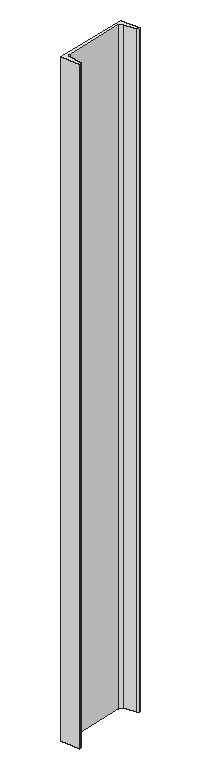
Revit family "Steel Column_C_ASTM A6M", category Structural Columns, Revit 2023
Family settings
  Section Shape = C-channel Sloped Flange
  Material for Model Behavior = Steel
  Always export as geometry = No
  Beam cutback in plan = From bounding box
  Code Name = AISC 14.1
  OmniClass Number = 23.25.30.11.14.11
  OmniClass Title = Columns
  Cut with Voids When Loaded = No
  Symbolic Representation = From Project Settings
  Shared = No
  Show family pre-cut in plan views = Yes
Parameters (values of type "C310X45")
  Width = 80.5 mm
  Web Thickness = 13 mm
  Web Fillet = 12.7000 mm
  Warping Constant = 0.000050509 (stored number, unit not read)
  Torsional Moment of Inertia = 358000.00 mm⁴
  Structural Material [instance] = Steel, 45-345
  Sloped Flange Angle = 9.46234°
  Section Name Key = ""
  Section Area = 5680.0 mm²
  Plastic Modulus weak axis = 70800.0 mm³
  Plastic Modulus strong axis = 554000.0 mm³
  Nominal Weight = 44.9998 kgf/m
  Moment of Inertia weak axis = 2130000.00 mm⁴
  Moment of Inertia strong axis = 67400000.00 mm⁴
  Height = 305 mm
  Flange Thickness Location = 33.7500 mm
  Flange Thickness = 12.7 mm
  Flange Fillet = 6.3500 mm
  Elastic Modulus weak axis = 33600.0 mm³
  Elastic Modulus strong axis = 442000.0 mm³
  Centroid Vertical = Height / 2  # 152.5000 mm
  Centroid Horizontal = 17.1 mm
  Bolt Spacing = 0.00 mm
  Assembly Code = ""
Reference planes
  plane 1: y = 0
  plane 2: z = 0
  plane 3: x = 0
  plane 4: y = 152.5
  plane 5: y = -152.5
  plane 6: y = 139.8
  plane 7: y = -139.8
  plane 8: x = -17.1
  plane 9: x = 63.4
  plane 10: x = -4.1
Forms (mm)
  Sweep 1, solid, material "Steel, 45-345" <- "Structural Material", detail levels fine
    path origin (0, 0, 0) x (1, 0, 0) y (0, 0, 1)
      loop
        line (0, 0) -> (0, 2500)
    profile "C-Shape-Profile-Fine : C-Shape-Profile-Fine" origin (0, 0, 1250) x (-1, 0, 0) y (0, -1, 0)
      loop
        line (-63.4, -152.5) -> (17.1, -152.5) -> (17.1, 152.5) -> (-63.4, 152.5) -> (-63.4, 150.804)
        arc (-63.4, 150.804) -> (-61.895, 146.7) -> (-58.094, 144.541) r 6.35
        line (-58.094, 144.541) -> (-29.65, 139.8) -> (-6.512, 135.944)
        arc (-6.512, 135.944) -> (1.09, 131.625) -> (4.1, 123.416) r 12.7
        line (4.1, 123.416) -> (4.1, -123.416)
        arc (4.1, -123.416) -> (1.09, -131.625) -> (-6.512, -135.944) r 12.7
        line (-6.512, -135.944) -> (-29.65, -139.8) -> (-58.094, -144.541)
        arc (-58.094, -144.541) -> (-61.895, -146.7) -> (-63.4, -150.804) r 6.35
        line (-63.4, -150.804) -> (-63.4, -152.5)
  Sweep 2, solid, material "Steel, 45-345" <- "Structural Material", detail levels medium
    path origin (0, 0, 0) x (1, 0, 0) y (0, 0, 1)
      loop
        line (0, 0) -> (0, 2500)
    profile "C-Shape-Profile-Medium : C-Shape-Profile-Medium" origin (0, 0, 1250) x (-1, 0, 0) y (0, -1, 0)
      loop
        line (-63.4, 152.5) -> (-63.4, 145.425) -> (-29.65, 139.8) -> (4.1, 134.175) -> (4.1, -134.175) -> (-29.65, -139.8) -> (-63.4, -145.425) -> (-63.4, -152.5) -> (17.1, -152.5) -> (17.1, 152.5) -> (-63.4, 152.5)
Lines and regions (mm)
  symbolic lines, style "StructuralColumnStickSymbols", detail levels coarse
    curve 1: line (63.4, 152.5, 0) -> (-17.1, 152.5, 0)
    curve 2: line (-17.1, 152.5, 0) -> (-17.1, -152.5, 0)
    curve 3: line (-17.1, -152.5, 0) -> (63.4, -152.5, 0)
  symbolic lines, style "Hidden Faces", detail levels medium+fine
    curve 4: line (-4.1, -145.425, 2500) -> (-4.1, -145.425, 0)
    curve 5: line (-4.1, -134.175, 0) -> (-4.1, -134.175, 2500)
    curve 6: line (-4.1, 134.175, 0) -> (-4.1, 134.175, 2500)
    curve 7: line (-4.1, 145.425, 0) -> (-4.1, 145.425, 2500)
    curve 8: line (-4.1, 0, 0) -> (-4.1, 0, 2500)
Dimensions and locks
  equal spacing: plane 5, plane 1, plane 4
  "Height": plane 5 to plane 4
  "Flange Thickness": plane 6 to plane 4
  "Flange Thickness": plane 5 to plane 7
  "Web Thickness": plane 8 to plane 10
  "Centroid Horizontal": plane 8 to plane 3
  "Width": plane 8 to plane 9
  aligned and locked: level to plane 2
  aligned and locked: plane 9 to curve 3
  aligned and locked: plane 9 to curve 1
  aligned and locked: level to curve 8  (x2)
  aligned and locked: level to Sweep 1 sketch curve  (x2)
  aligned and locked: plane 3 to Sweep 1 sketch curve
  aligned and locked: level to Sweep 2 sketch curve  (x2)
  aligned and locked: plane 3 to Sweep 2 sketch curve
  aligned and locked: curve 1 to plane 4
  aligned and locked: curve 2 to plane 8
  aligned and locked: plane 5 to curve 3
Automatic sketch dimensions
  curve 8 to plane 10 = 0 mm
  curve 4 to level = 0 mm  (x2)
  curve 5 to level = 0 mm  (x2)
  curve 6 to level = 0 mm  (x2)
  curve 7 to level = 0 mm  (x2)
  plane 7 to curve 4 = 5.625 mm
  curve 5 to plane 7 = 5.625 mm
  plane 6 to curve 6 = 5.625 mm
  curve 7 to plane 6 = 5.625 mm
Types in the file's own list only (31): name | Width | Web Thickness | Web Fillet | Warping Constant | Torsional Moment of Inertia | Sloped Flange Angle | Section Name Key | Section Area | Plastic Modulus weak axis | Plastic Modulus strong axis | Nominal Weight | Moment of Inertia weak axis | Moment of Inertia strong axis | Height | Flange Thickness Location | Flange Thickness | Flange Fillet | Elastic Modulus weak axis | Elastic Modulus strong axis | Centroid Vertical | Centroid Horizontal | Bolt Spacing
  C380X74 | 94.5000 mm | 18.2000 mm | 16.5000 mm | 132000000000.0 mm⁶ | 1100000.00 mm⁴ | 9.46° | "ChannelsC15X50" | 9480.0 mm² | 133000.0 mm³ | 1120000.0 mm³ | 74.00 kgf/m | 4580000.00 mm⁴ | 168000000.00 mm⁴ | 381.0000 mm | 38.1500 mm | 16.5000 mm | 8.2500 mm | 61800.0 mm³ | 882000.0 mm³ | 190.5000 mm | 20.3000 mm | 57.15 mm
  C380X60 | 89.4000 mm | 13.2000 mm | 16.5000 mm | 110000000000.0 mm⁶ | 604000.00 mm⁴ | 9.46° | "ChannelsC15X40" | 7610.0 mm² | 112000.0 mm³ | 942000.0 mm³ | 60.00 kgf/m | 3820000.00 mm⁴ | 145000000.00 mm⁴ | 381.0000 mm | 38.1000 mm | 16.5000 mm | 8.2500 mm | 54700.0 mm³ | 762000.0 mm³ | 190.5000 mm | 19.8000 mm | 50.80 mm
  C380X50.4 | 86.4000 mm | 10.2000 mm | 16.5000 mm | 96100000000.0 mm⁶ | 420000.00 mm⁴ | 9.46° | "ChannelsC15X33.9" | 6450.0 mm² | 101000.0 mm³ | 832000.0 mm³ | 50.40 kgf/m | 3360000.00 mm⁴ | 131000000.00 mm⁴ | 381.0000 mm | 38.1000 mm | 16.5000 mm | 8.2500 mm | 50600.0 mm³ | 688000.0 mm³ | 190.5000 mm | 20.0000 mm | 50.80 mm
  C310X37 | 77.5000 mm | 9.8300 mm | 12.7000 mm | 34900000000.0 mm⁶ | 224000.00 mm⁴ | 9.46° | "ChannelsC12X25" | 4740.0 mm² | 62600.0 mm³ | 482000.0 mm³ | 37.00 kgf/m | 1850000.00 mm⁴ | 59900000.00 mm⁴ | 305.0000 mm | 33.8350 mm | 12.7000 mm | 6.3500 mm | 30600.0 mm³ | 393000.0 mm³ | 152.5000 mm | 17.1000 mm | 44.45 mm
  C310X30.8 | 74.7000 mm | 7.1600 mm | 12.7000 mm | 30100000000.0 mm⁶ | 154000.00 mm⁴ | 9.46° | "ChannelsC12X20.7" | 3920.0 mm² | 56900.0 mm³ | 420000.0 mm³ | 30.80 kgf/m | 1610000.00 mm⁴ | 53700000.00 mm⁴ | 305.0000 mm | 33.7700 mm | 12.7000 mm | 6.3500 mm | 28200.0 mm³ | 352000.0 mm³ | 152.5000 mm | 17.7000 mm | 44.45 mm
  C250X45 | 77.0000 mm | 17.1000 mm | 11.1000 mm | 21300000000.0 mm⁶ | 508000.00 mm⁴ | 9.46° | "ChannelsC10X30" | 5680.0 mm² | 61900.0 mm³ | 438000.0 mm³ | 45.00 kgf/m | 1640000.00 mm⁴ | 42900000.00 mm⁴ | 254.0000 mm | 29.9500 mm | 11.1000 mm | 5.5500 mm | 27000.0 mm³ | 339000.0 mm³ | 127.0000 mm | 16.5000 mm | 44.45 mm
  C250X37 | 73.4000 mm | 13.4000 mm | 11.1000 mm | 18300000000.0 mm⁶ | 286000.00 mm⁴ | 9.46° | "ChannelsC10X25" | 4740.0 mm² | 52100.0 mm³ | 379000.0 mm³ | 37.00 kgf/m | 1390000.00 mm⁴ | 37900000.00 mm⁴ | 254.0000 mm | 30.0000 mm | 11.1000 mm | 5.5500 mm | 24100.0 mm³ | 298000.0 mm³ | 127.0000 mm | 15.7000 mm | 44.45 mm
  C250X30 | 69.6000 mm | 9.6300 mm | 11.1000 mm | 15300000000.0 mm⁶ | 153000.00 mm⁴ | 9.46° | "ChannelsC10X20" | 3790.0 mm² | 44200.0 mm³ | 318000.0 mm³ | 30.00 kgf/m | 1170000.00 mm⁴ | 32800000.00 mm⁴ | 254.0000 mm | 29.9850 mm | 11.1000 mm | 5.5500 mm | 21500.0 mm³ | 259000.0 mm³ | 127.0000 mm | 15.4000 mm | 38.10 mm
  C250X22.8 | 66.0000 mm | 6.1000 mm | 11.1000 mm | 12200000000.0 mm⁶ | 87000.00 mm⁴ | 9.46° | "ChannelsC10X15.3" | 2890.0 mm² | 38300.0 mm³ | 261000.0 mm³ | 22.80 kgf/m | 945000.00 mm⁴ | 28000000.00 mm⁴ | 254.0000 mm | 29.9500 mm | 11.1000 mm | 5.5500 mm | 18800.0 mm³ | 221000.0 mm³ | 127.0000 mm | 16.1000 mm | 38.10 mm
  C230X30 | 67.3000 mm | 11.4000 mm | 10.5000 mm | 10600000000.0 mm⁶ | 178000.00 mm⁴ | 9.46° | "ChannelsC9X20" | 3790.0 mm² | 40300.0 mm³ | 277000.0 mm³ | 30.00 kgf/m | 1000000.00 mm⁴ | 25300000.00 mm⁴ | 229.0000 mm | 27.9500 mm | 10.5000 mm | 5.2500 mm | 19200.0 mm³ | 221000.0 mm³ | 114.5000 mm | 14.8000 mm | 38.10 mm
  C230X22 | 63.2000 mm | 7.2400 mm | 10.5000 mm | 8320000000.0 mm⁶ | 86600.00 mm⁴ | 9.46° | "ChannelsC9X15" | 2840.0 mm² | 33400.0 mm³ | 223000.0 mm³ | 22.00 kgf/m | 795000.00 mm⁴ | 21200000.00 mm⁴ | 229.0000 mm | 27.9800 mm | 10.5000 mm | 5.2500 mm | 16600.0 mm³ | 185000.0 mm³ | 114.5000 mm | 14.9000 mm | 34.93 mm
  C230X19.9 | 61.7000 mm | 5.9200 mm | 10.5000 mm | 7570000000.0 mm⁶ | 69900.00 mm⁴ | 9.46° | "ChannelsC9X13.4" | 2540.0 mm² | 31800.0 mm³ | 206000.0 mm³ | 19.90 kgf/m | 728000.00 mm⁴ | 19900000.00 mm⁴ | 229.0000 mm | 27.8900 mm | 10.5000 mm | 5.2500 mm | 15600.0 mm³ | 174000.0 mm³ | 114.5000 mm | 15.3000 mm | 34.93 mm
  C200X27.9 | 64.3000 mm | 12.4000 mm | 9.9100 mm | 6740000000.0 mm⁶ | 181000.00 mm⁴ | 9.46° | "ChannelsC8X18.75" | 3550.0 mm² | 35600.0 mm³ | 228000.0 mm³ | 27.90 kgf/m | 820000.00 mm⁴ | 18300000.00 mm⁴ | 203.0000 mm | 25.9500 mm | 9.9100 mm | 4.9550 mm | 16600.0 mm³ | 180000.0 mm³ | 101.5000 mm | 14.4000 mm | 38.10 mm
  C200X20.5 | 59.4000 mm | 7.7000 mm | 9.9100 mm | 5160000000.0 mm⁶ | 77400.00 mm⁴ | 9.46° | "ChannelsC8X13.75" | 2600.0 mm² | 28300.0 mm³ | 180000.0 mm³ | 20.50 kgf/m | 633000.00 mm⁴ | 15000000.00 mm⁴ | 203.0000 mm | 25.8500 mm | 9.9100 mm | 4.9550 mm | 13900.0 mm³ | 148000.0 mm³ | 101.5000 mm | 14.1000 mm | 34.93 mm
  C200X17.1 | 57.4000 mm | 5.5900 mm | 9.9100 mm | 4430000000.0 mm⁶ | 54100.00 mm⁴ | 9.46° | "ChannelsC8X11.5" | 2170.0 mm² | 25700.0 mm³ | 158000.0 mm³ | 17.10 kgf/m | 545000.00 mm⁴ | 13500000.00 mm⁴ | 203.0000 mm | 25.9050 mm | 9.9100 mm | 4.9550 mm | 12700.0 mm³ | 133000.0 mm³ | 101.5000 mm | 14.5000 mm | 34.93 mm
  C180X22 | 58.4000 mm | 10.6000 mm | 9.3000 mm | 3520000000.0 mm⁶ | 111000.00 mm⁴ | 9.46° | "ChannelsC7X14.75" | 2790.0 mm² | 26700.0 mm³ | 160000.0 mm³ | 22.00 kgf/m | 570000.00 mm⁴ | 11300000.00 mm⁴ | 178.0000 mm | 23.9000 mm | 9.3000 mm | 4.6500 mm | 12700.0 mm³ | 127000.0 mm³ | 89.0000 mm | 13.5000 mm | 31.75 mm
  C180X18.2 | 55.6000 mm | 7.9800 mm | 9.3000 mm | 3010000000.0 mm⁶ | 67000.00 mm⁴ | 9.46° | "ChannelsC7X12.25" | 2320.0 mm² | 23300.0 mm³ | 139000.0 mm³ | 18.20 kgf/m | 483000.00 mm⁴ | 10100000.00 mm⁴ | 178.0000 mm | 23.8100 mm | 9.3000 mm | 4.6500 mm | 11400.0 mm³ | 113000.0 mm³ | 89.0000 mm | 13.3000 mm | 31.75 mm
  C180X14.6 | 53.1000 mm | 5.3300 mm | 9.3000 mm | 2460000000.0 mm⁶ | 41500.00 mm⁴ | 9.46° | "ChannelsC7X9.8" | 1850.0 mm² | 20600.0 mm³ | 118000.0 mm³ | 14.60 kgf/m | 398000.00 mm⁴ | 8820000.00 mm⁴ | 178.0000 mm | 23.8850 mm | 9.3000 mm | 4.6500 mm | 10100.0 mm³ | 99500.0 mm³ | 89.0000 mm | 13.7000 mm | 31.75 mm
  C150X19.3 | 54.9000 mm | 11.1000 mm | 8.7100 mm | 1930000000.0 mm⁶ | 98600.00 mm⁴ | 9.46° | "ChannelsC6X13" | 2460.0 mm² | 22100.0 mm³ | 119000.0 mm³ | 19.30 kgf/m | 437000.00 mm⁴ | 7200000.00 mm⁴ | 152.0000 mm | 21.9000 mm | 8.7100 mm | 4.3550 mm | 10500.0 mm³ | 94700.0 mm³ | 76.0000 mm | 13.1000 mm | 34.93 mm
  C150X15.6 | 51.6000 mm | 7.9800 mm | 8.7100 mm | 1590000000.0 mm⁶ | 53300.00 mm⁴ | 9.46° | "ChannelsC6X10.5" | 1980.0 mm² | 18700.0 mm³ | 101000.0 mm³ | 15.60 kgf/m | 358000.00 mm⁴ | 6290000.00 mm⁴ | 152.0000 mm | 21.8100 mm | 8.7100 mm | 4.3550 mm | 9190.0 mm³ | 82600.0 mm³ | 76.0000 mm | 12.7000 mm | 28.58 mm
  C150X12.2 | 48.8000 mm | 5.0800 mm | 8.7100 mm | 1260000000.0 mm⁶ | 30600.00 mm⁴ | 9.46° | "ChannelsC6X8.2" | 1540.0 mm² | 16200.0 mm³ | 84600.0 mm³ | 12.20 kgf/m | 286000.00 mm⁴ | 5450000.00 mm⁴ | 152.0000 mm | 21.8600 mm | 8.7100 mm | 4.3550 mm | 8000.0 mm³ | 71300.0 mm³ | 76.0000 mm | 13.0000 mm | 28.58 mm
  C130X13 | 48.0000 mm | 8.2600 mm | 8.1300 mm | 787000000.0 mm⁶ | 45400.00 mm⁴ | 9.46° | "ChannelsC5X9" | 1700.0 mm² | 15000.0 mm³ | 71900.0 mm³ | 13.00 kgf/m | 260000.00 mm⁴ | 3700000.00 mm⁴ | 127.0000 mm | 19.8700 mm | 8.1300 mm | 4.0650 mm | 7280.0 mm³ | 58300.0 mm³ | 63.5000 mm | 12.1000 mm | 28.58 mm
  C130X10.4 | 44.5000 mm | 4.8300 mm | 8.1300 mm | 596000000.0 mm⁶ | 22900.00 mm⁴ | 9.46° | "ChannelsC5X6.7" | 1270.0 mm² | 12400.0 mm³ | 58200.0 mm³ | 10.40 kgf/m | 196000.00 mm⁴ | 3110000.00 mm⁴ | 127.0000 mm | 19.8350 mm | 8.1300 mm | 4.0650 mm | 6100.0 mm³ | 49000.0 mm³ | 63.5000 mm | 12.3000 mm | 0.00 mm
  C100X10.8 | 43.7000 mm | 8.1500 mm | 7.5200 mm | 333000000.0 mm⁶ | 34000.00 mm⁴ | 9.46° | "ChannelsC4X7.25" | 1370.0 mm² | 11400.0 mm³ | 46500.0 mm³ | 10.80 kgf/m | 177000.00 mm⁴ | 1910000.00 mm⁴ | 102.0000 mm | 17.7750 mm | 7.5200 mm | 3.7600 mm | 5520.0 mm³ | 37500.0 mm³ | 51.0000 mm | 11.7000 mm | 25.40 mm
  C100X9.3 | 41.9100 mm | 6.2738 mm | 6.9100 mm | 277000000.0 mm⁶ | 20300.00 mm⁴ | 9.46° | "ChannelsC4X6.25" | 1140.0 mm² | 9320.0 mm³ | 39800.0 mm³ | 9.30 kgf/m | 144000.00 mm⁴ | 1660000.00 mm⁴ | 102.0000 mm | 17.8181 mm | 6.9100 mm | 3.4550 mm | 4650.0 mm³ | 32800.0 mm³ | 51.0000 mm | 11.0000 mm | 0.00 mm
  C100X8 | 40.1000 mm | 4.6700 mm | 7.5200 mm | 247000000.0 mm⁶ | 16600.00 mm⁴ | 9.46° | "ChannelsC4X5.4" | 1020.0 mm² | 9260.0 mm³ | 37500.0 mm³ | 8.00 kgf/m | 130000.00 mm⁴ | 1600000.00 mm⁴ | 102.0000 mm | 17.7150 mm | 7.5200 mm | 3.7600 mm | 4540.0 mm³ | 31500.0 mm³ | 51.0000 mm | 11.6000 mm | 0.00 mm
  C100X6.7 | 40.1000 mm | 3.1800 mm | 7.5200 mm | 234000000.0 mm⁶ | 13400.00 mm⁴ | 9.46° | "ChannelsC4X4.5" | 890.0 mm² | 8700.0 mm³ | 34700.0 mm³ | 6.70 kgf/m | 120000.00 mm⁴ | 1520000.00 mm⁴ | 102.0000 mm | 18.4600 mm | 7.5200 mm | 3.7600 mm | 4340.0 mm³ | 30000.0 mm³ | 51.0000 mm | 12.5000 mm | 0.00 mm
  C75X8.9 | 40.6000 mm | 9.0400 mm | 6.9300 mm | 124000000.0 mm⁶ | 30200.00 mm⁴ | 9.46° | "ChannelsC3X6" | 1140.0 mm² | 8900.0 mm³ | 28500.0 mm³ | 8.90 kgf/m | 125000.00 mm⁴ | 862000.00 mm⁴ | 76.2000 mm | 15.7800 mm | 6.9300 mm | 3.4650 mm | 4310.0 mm³ | 22600.0 mm³ | 38.1000 mm | 11.6000 mm | 0.00 mm
  C75X7.4 | 38.1000 mm | 6.5500 mm | 6.9300 mm | 102000000.0 mm⁶ | 17700.00 mm⁴ | 9.46° | "ChannelsC3X5" | 948.0 mm² | 7600.0 mm³ | 24900.0 mm³ | 7.40 kgf/m | 100000.00 mm⁴ | 770000.00 mm⁴ | 76.2000 mm | 15.7750 mm | 6.9300 mm | 3.4650 mm | 3740.0 mm³ | 20200.0 mm³ | 38.1000 mm | 11.2000 mm | 0.00 mm
  C75X6.1 | 35.8000 mm | 4.3200 mm | 6.9300 mm | 82400000.0 mm⁶ | 11200.00 mm⁴ | 9.46° | "ChannelsC3X4.1" | 774.0 mm² | 6540.0 mm³ | 21600.0 mm³ | 6.10 kgf/m | 79500.00 mm⁴ | 687000.00 mm⁴ | 76.2000 mm | 15.7400 mm | 6.9300 mm | 3.4650 mm | 3210.0 mm³ | 18000.0 mm³ | 38.1000 mm | 11.1000 mm | 0.00 mm
  C75X5.2 | 34.8000 mm | 3.3500 mm | 6.9300 mm | 74100000.0 mm⁶ | 9410.00 mm⁴ | 9.46° | "ChannelsC3X3.5" | 703.0 mm² | 5960.0 mm³ | 20300.0 mm³ | 5.20 kgf/m | 70300.00 mm⁴ | 653000.00 mm⁴ | 76.2000 mm | 15.7250 mm | 6.9300 mm | 3.4650 mm | 2980.0 mm³ | 17000.0 mm³ | 38.1000 mm | 11.3000 mm | 0.00 mm
